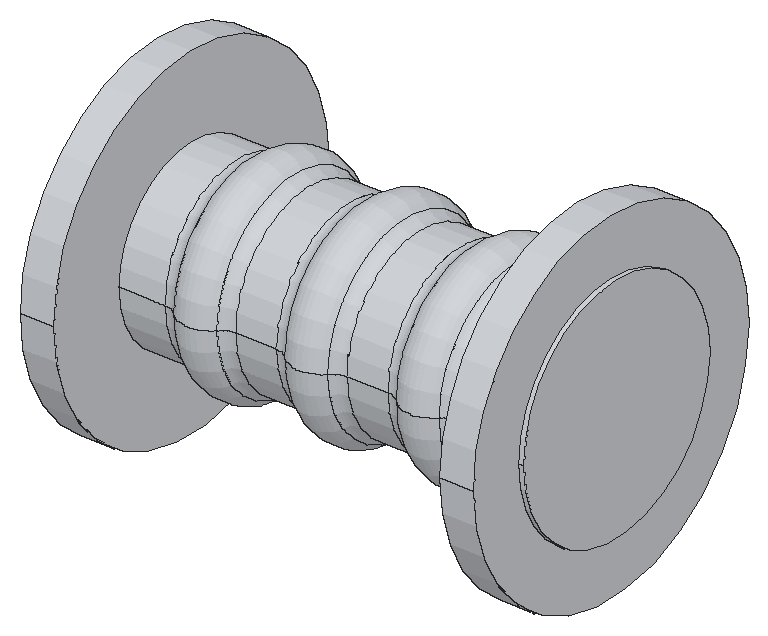
Revit family "ピュアジョイント 80A", category Pipe Accessories, Revit 2024
Family settings
  Round Connector Dimension = Use Diameter
  Part Type = Inline Sensor
  Work Plane-Based = No
  Always vertical = Yes
  Cut with Voids When Loaded = No
  Shared = No
Parameters
  Default Elevation = 0 mm
  DN = 80 mm
Reference planes
  plane 1 "Center (Front/Back)": y = 0
  plane 2: z = 0
  plane 3 "Center (Left/Right)": x = 0
Forms (mm)
  Extrusion 1, solid
    sketch origin (0, 0, 0) x (0, 1, 0) y (0, 0, 1)
      loop
        circle (0, 0) r 62.5
    from 122 to 125
  Extrusion 2, solid
    sketch origin (0, 0, 0) x (0, 1, 0) y (0, 0, 1)
      loop
        circle (0, 0) r 62.5
    from -125 to -122
  Extrusion 3, solid
    sketch origin (0, 0, 0) x (0, 1, 0) y (0, 0, 1)
      loop
        circle (0, 0) r 92.5
    from -122 to -104
  Extrusion 4, solid
    sketch origin (0, 0, 0) x (0, 1, 0) y (0, 0, 1)
      loop
        circle (0, 0) r 92.5
    from 104 to 122
  Revolve 5, solid
    sketch origin (0, 0, 0) x (1, 0, 0) y (0, 1, 0)
      loop
        line (-79.021, 49.003) -> (-104, 49.003) -> (-104, 0) -> (104, 0) -> (104, 49.003) -> (79.021, 49.003)
        arc (79.021, 49.003) -> (74.942, 49.873) -> (71.572, 52.33) r 10
        arc (71.572, 52.33) -> (60, 57.5) -> (48.428, 52.33) r 15.537
        arc (48.428, 52.33) -> (45.058, 49.873) -> (40.979, 49.003) r 10
        line (40.979, 49.003) -> (19.02, 49.003)
        arc (19.02, 49.003) -> (14.942, 49.873) -> (11.572, 52.33) r 10
        arc (11.572, 52.33) -> (0, 57.5) -> (-11.572, 52.33) r 15.537
        arc (-11.572, 52.33) -> (-14.942, 49.873) -> (-19.021, 49.003) r 10
        line (-19.021, 49.003) -> (-40.979, 49.003)
        arc (-40.979, 49.003) -> (-45.058, 49.873) -> (-48.428, 52.33) r 10
        arc (-48.428, 52.33) -> (-60, 57.5) -> (-71.572, 52.33) r 15.537
        arc (-71.572, 52.33) -> (-74.942, 49.873) -> (-79.021, 49.003) r 10
      axis (104, 0) -> (-104, 0)
    angle from 0 to 360
Dimensions and locks
  aligned and locked: level to plane 2
Connectors
  piping at (-125, 0, 0), diameter 80, driven by "DN"
    settings: on Extrusion 2, index 1, connector inside diameter 609.6 mm, connector length 0 mm, flow factor 0, pipe flow 0.0 L/s, pressure drop 0.0 Pa, fitting loss kfactor 0, connector angle 0.00°, fixture units 0, engagement length 0 mm, angle of deflection 0.00°, flow configuration 0, flow direction 0, fitting loss method 0, system type 7, joint type 0, gender type 0, connector reference index -1, connector utility 0, adjustable connector no, is connector primary yes, connector description ""
  piping at (125, 0, 0), diameter 80, driven by "DN"
    settings: on Extrusion 1, index 2, connector inside diameter 609.6 mm, connector length 0 mm, flow factor 0, pipe flow 0.0 L/s, pressure drop 0.0 Pa, fitting loss kfactor 0, connector angle 0.00°, fixture units 0, engagement length 0 mm, angle of deflection 0.00°, flow configuration 0, flow direction 0, fitting loss method 0, system type 7, joint type 0, gender type 0, connector reference index -1, connector utility 0, adjustable connector no, is connector primary no, connector description ""
